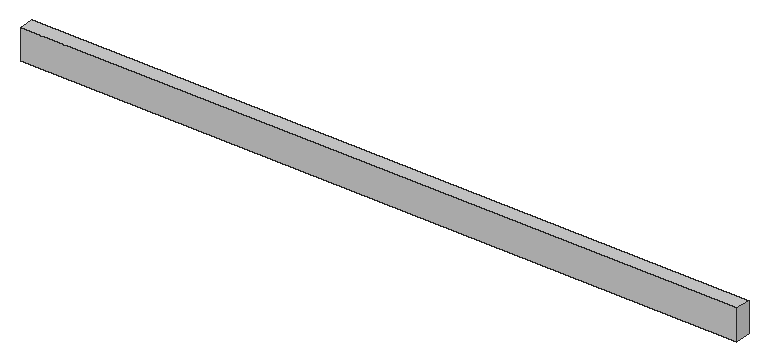
Revit family "M_Barras planas", category Quadro estrutural, Revit 2019 (continued)
Types in the file's own list only (420): name | Largura | Momento de inércia de torção | Módulo de torção | Chave do nome do corte | Área de corte | Eixo fraco do módulo plástico | Eixo forte do módulo plástico | Perímetro | Peso nominal | Eixo fraco do momento de inércia | Eixo forte do momento de inércia | Altura | Eixo fraco do módulo de elasticidade | Eixo forte do módulo de elasticidade | Centróide vertical | Centróide horizontal
  FL 12.7X22.225 | 12.7 mm | 0.00 mm4 | 0.0 mm³ | Plano 1/2x7/8 | 282.3 mm² | 896.0 mm³ | 1568.0 mm³ | 0.07 m²/m | 0.00 kgf/m | 3794.00 mm4 | 11618.00 mm4 | 22.2 mm | 597.0 mm³ | 1046.0 mm³ | 11.1 mm | 6.4 mm
  FL 12.7X25.4 | 12.7 mm | 0.00 mm4 | 0.0 mm³ | Plano 1/2x1 | 322.6 mm² | 1024.0 mm³ | 2048.0 mm³ | 0.08 m²/m | 0.00 kgf/m | 4336.00 mm4 | 17343.00 mm4 | 25.4 mm | 683.0 mm³ | 1366.0 mm³ | 12.7 mm | 6.4 mm
  FL 12.7X28.575 | 12.7 mm | 0.00 mm4 | 0.0 mm³ | Plano 1/2x1 1/8 | 362.9 mm² | 1152.0 mm³ | 2592.0 mm³ | 0.08 m²/m | 0.00 kgf/m | 4878.00 mm4 | 24693.00 mm4 | 28.6 mm | 768.0 mm³ | 1728.0 mm³ | 14.3 mm | 6.4 mm
  FL 12.7X31.75 | 12.7 mm | 0.00 mm4 | 0.0 mm³ | Plano 1/2x1 1/4 | 403.2 mm² | 1280.0 mm³ | 3201.0 mm³ | 0.09 m²/m | 0.00 kgf/m | 5420.00 mm4 | 33873.00 mm4 | 31.8 mm | 853.0 mm³ | 2134.0 mm³ | 15.9 mm | 6.4 mm
  FL 12.7X38.1 | 12.7 mm | 0.00 mm4 | 0.0 mm³ | Plano 1/2x1 1/2 | 483.9 mm² | 1536.0 mm³ | 4609.0 mm³ | 0.10 m²/m | 0.00 kgf/m | 6504.00 mm4 | 58533.00 mm4 | 38.1 mm | 1024.0 mm³ | 3073.0 mm³ | 19.1 mm | 6.4 mm
  FL 12.7X44.45 | 12.7 mm | 0.00 mm4 | 0.0 mm³ | Plano 1/2x1 3/4 | 564.5 mm² | 1792.0 mm³ | 6273.0 mm³ | 0.11 m²/m | 0.00 kgf/m | 7588.00 mm4 | 92948.00 mm4 | 44.5 mm | 1195.0 mm³ | 4182.0 mm³ | 22.2 mm | 6.4 mm
  FL 12.7X50.8 | 12.7 mm | 0.00 mm4 | 0.0 mm³ | Plano 1/2x2 | 645.2 mm² | 2048.0 mm³ | 8194.0 mm³ | 0.13 m²/m | 0.00 kgf/m | 8671.00 mm4 | 138744.00 mm4 | 50.8 mm | 1366.0 mm³ | 5462.0 mm³ | 25.4 mm | 6.4 mm
  FL 12.7X57.15 | 12.7 mm | 0.00 mm4 | 0.0 mm³ | Plano 1/2x2 1/4 | 725.8 mm² | 2304.0 mm³ | 10370.0 mm³ | 0.14 m²/m | 0.00 kgf/m | 9755.00 mm4 | 197547.00 mm4 | 57.2 mm | 1536.0 mm³ | 6913.0 mm³ | 28.6 mm | 6.4 mm
  FL 12.7X63.5 | 12.7 mm | 0.00 mm4 | 0.0 mm³ | Plano 1/2x2 1/2 | 806.5 mm² | 2560.0 mm³ | 12802.0 mm³ | 0.15 m²/m | 0.00 kgf/m | 10839.00 mm4 | 270984.00 mm4 | 63.5 mm | 1707.0 mm³ | 8535.0 mm³ | 31.8 mm | 6.4 mm
  FL 12.7X69.85 | 12.7 mm | 0.00 mm4 | 0.0 mm³ | Plano 1/2x2 3/4 | 887.1 mm² | 2817.0 mm³ | 15491.0 mm³ | 0.17 m²/m | 0.00 kgf/m | 11923.00 mm4 | 360680.00 mm4 | 69.9 mm | 1878.0 mm³ | 10327.0 mm³ | 34.9 mm | 6.4 mm
  FL 12.7X76.2 | 12.7 mm | 0.00 mm4 | 0.0 mm³ | Plano 1/2x3 | 967.7 mm² | 3073.0 mm³ | 18435.0 mm³ | 0.18 m²/m | 0.00 kgf/m | 13007.00 mm4 | 468260.00 mm4 | 76.2 mm | 2048.0 mm³ | 12290.0 mm³ | 38.1 mm | 6.4 mm
  FL 12.7X82.55 | 12.7 mm | 0.00 mm4 | 0.0 mm³ | Plano 1/2x3 1/4 | 1048.4 mm² | 3329.0 mm³ | 21636.0 mm³ | 0.19 m²/m | 0.00 kgf/m | 14091.00 mm4 | 595352.00 mm4 | 82.6 mm | 2219.0 mm³ | 14424.0 mm³ | 41.3 mm | 6.4 mm
  FL 12.7X88.9 | 12.7 mm | 0.00 mm4 | 0.0 mm³ | Plano 1/2x3 1/2 | 1129.0 mm² | 3585.0 mm³ | 25093.0 mm³ | 0.20 m²/m | 0.00 kgf/m | 15175.00 mm4 | 743580.00 mm4 | 88.9 mm | 2390.0 mm³ | 16728.0 mm³ | 44.5 mm | 6.4 mm
  FL 12.7X95.25 | 12.7 mm | 0.00 mm4 | 0.0 mm³ | Plano 1/2x3 3/4 | 1209.7 mm² | 3841.0 mm³ | 28805.0 mm³ | 0.22 m²/m | 0.00 kgf/m | 16259.00 mm4 | 914571.00 mm4 | 95.3 mm | 2560.0 mm³ | 19204.0 mm³ | 47.6 mm | 6.4 mm
  FL 12.7X101.6 | 12.7 mm | 0.00 mm4 | 0.0 mm³ | Plano 1/2x4 | 1290.3 mm² | 4097.0 mm³ | 32774.0 mm³ | 0.23 m²/m | 0.00 kgf/m | 17343.00 mm4 | 1109950.00 mm4 | 101.6 mm | 2731.0 mm³ | 21849.0 mm³ | 50.8 mm | 6.4 mm
  FL 12.7X114.3 | 12.7 mm | 0.00 mm4 | 0.0 mm³ | Plano 1/2x4 1/2 | 1451.6 mm² | 4609.0 mm³ | 41480.0 mm³ | 0.25 m²/m | 0.00 kgf/m | 19511.00 mm4 | 1580379.00 mm4 | 114.3 mm | 3073.0 mm³ | 27653.0 mm³ | 57.2 mm | 6.4 mm
  FL 12.7X127 | 12.7 mm | 0.00 mm4 | 0.0 mm³ | Plano 1/2x5 | 1612.9 mm² | 5121.0 mm³ | 51210.0 mm³ | 0.28 m²/m | 0.00 kgf/m | 21679.00 mm4 | 2167872.00 mm4 | 127.0 mm | 3414.0 mm³ | 34140.0 mm³ | 63.5 mm | 6.4 mm
  FL 12.7X139.7 | 12.7 mm | 0.00 mm4 | 0.0 mm³ | Plano 1/2x5 1/2 | 1774.2 mm² | 5633.0 mm³ | 61964.0 mm³ | 0.30 m²/m | 0.00 kgf/m | 23847.00 mm4 | 2885438.00 mm4 | 139.7 mm | 3755.0 mm³ | 41309.0 mm³ | 69.9 mm | 6.4 mm
  FL 12.7X152.4 | 12.7 mm | 0.00 mm4 | 0.0 mm³ | Plano 1/2x6 | 1935.5 mm² | 6145.0 mm³ | 73742.0 mm³ | 0.33 m²/m | 0.00 kgf/m | 26014.00 mm4 | 3746083.00 mm4 | 152.4 mm | 4097.0 mm³ | 49161.0 mm³ | 76.2 mm | 6.4 mm
  FL 12.7X165.1 | 12.7 mm | 0.00 mm4 | 0.0 mm³ | Plano 1/2x6 1/2 | 2096.8 mm² | 6657.0 mm³ | 86544.0 mm³ | 0.36 m²/m | 0.00 kgf/m | 28182.00 mm4 | 4762815.00 mm4 | 165.1 mm | 4438.0 mm³ | 57696.0 mm³ | 82.6 mm | 6.4 mm
  FL 12.7X177.8 | 12.7 mm | 0.00 mm4 | 0.0 mm³ | Plano 1/2x7 | 2258.1 mm² | 7169.0 mm³ | 100371.0 mm³ | 0.38 m²/m | 0.00 kgf/m | 30350.00 mm4 | 5948641.00 mm4 | 177.8 mm | 4780.0 mm³ | 66914.0 mm³ | 88.9 mm | 6.4 mm
  FL 12.7X190.5 | 12.7 mm | 0.00 mm4 | 0.0 mm³ | Plano 1/2x7 1/2 | 2419.4 mm² | 7681.0 mm³ | 115222.0 mm³ | 0.41 m²/m | 0.00 kgf/m | 32518.00 mm4 | 7316568.00 mm4 | 190.5 mm | 5121.0 mm³ | 76814.0 mm³ | 95.3 mm | 6.4 mm
  FL 12.7X203.2 | 12.7 mm | 0.00 mm4 | 0.0 mm³ | Plano 1/2x8 | 2580.6 mm² | 8194.0 mm³ | 131097.0 mm³ | 0.43 m²/m | 0.00 kgf/m | 34686.00 mm4 | 8879604.00 mm4 | 203.2 mm | 5462.0 mm³ | 87398.0 mm³ | 101.6 mm | 6.4 mm
  FL 12.7X228.6 | 12.7 mm | 0.00 mm4 | 0.0 mm³ | Plano 1/2x9 | 2903.2 mm² | 9218.0 mm³ | 165919.0 mm³ | 0.48 m²/m | 0.00 kgf/m | 39022.00 mm4 | 12643030.00 mm4 | 228.6 mm | 6145.0 mm³ | 110613.0 mm³ | 114.3 mm | 6.4 mm
  FL 12.7X254 | 12.7 mm | 0.00 mm4 | 0.0 mm³ | Plano 1/2x10 | 3225.8 mm² | 10242.0 mm³ | 204838.0 mm³ | 0.53 m²/m | 0.00 kgf/m | 43357.00 mm4 | 17342976.00 mm4 | 254.0 mm | 6828.0 mm³ | 136559.0 mm³ | 127.0 mm | 6.4 mm
  FL 12.7X304.8 | 12.7 mm | 0.00 mm4 | 0.0 mm³ | Plano 1/2x12 | 3871.0 mm² | 12290.0 mm³ | 294967.0 mm³ | 0.64 m²/m | 0.00 kgf/m | 52029.00 mm4 | 29968663.00 mm4 | 304.8 mm | 8194.0 mm³ | 196645.0 mm³ | 152.4 mm | 6.4 mm
  FL 15.875X19.05 | 15.9 mm | 0.00 mm4 | 0.0 mm³ | Plano 5/8x3/4 | 302.4 mm² | 1200.0 mm³ | 1440.0 mm³ | 0.07 m²/m | 0.00 kgf/m | 6351.00 mm4 | 9146.00 mm4 | 19.1 mm | 800.0 mm³ | 960.0 mm³ | 9.5 mm | 7.9 mm
  FL 15.875X22.225 | 15.9 mm | 0.00 mm4 | 0.0 mm³ | Plano 5/8x7/8 | 352.8 mm² | 1400.0 mm³ | 1960.0 mm³ | 0.08 m²/m | 0.00 kgf/m | 7410.00 mm4 | 14523.00 mm4 | 22.2 mm | 934.0 mm³ | 1307.0 mm³ | 11.1 mm | 7.9 mm
  FL 15.875X25.4 | 15.9 mm | 0.00 mm4 | 0.0 mm³ | Plano 5/8x1 | 403.2 mm² | 1600.0 mm³ | 2560.0 mm³ | 0.08 m²/m | 0.00 kgf/m | 8468.00 mm4 | 21679.00 mm4 | 25.4 mm | 1067.0 mm³ | 1707.0 mm³ | 12.7 mm | 7.9 mm
  FL 15.875X28.575 | 15.9 mm | 0.00 mm4 | 0.0 mm³ | Plano 5/8x1 1/8 | 453.6 mm² | 1800.0 mm³ | 3241.0 mm³ | 0.09 m²/m | 0.00 kgf/m | 9527.00 mm4 | 30867.00 mm4 | 28.6 mm | 1200.0 mm³ | 2160.0 mm³ | 14.3 mm | 7.9 mm
  FL 15.875X31.75 | 15.9 mm | 0.00 mm4 | 0.0 mm³ | Plano 5/8x1 1/4 | 504.0 mm² | 2000.0 mm³ | 4001.0 mm³ | 0.10 m²/m | 0.00 kgf/m | 10585.00 mm4 | 42341.00 mm4 | 31.8 mm | 1334.0 mm³ | 2667.0 mm³ | 15.9 mm | 7.9 mm
  FL 15.875X34.925 | 15.9 mm | 0.00 mm4 | 0.0 mm³ | Plano 5/8x1 3/8 | 554.4 mm² | 2200.0 mm³ | 4841.0 mm³ | 0.10 m²/m | 0.00 kgf/m | 11644.00 mm4 | 56356.00 mm4 | 34.9 mm | 1467.0 mm³ | 3227.0 mm³ | 17.5 mm | 7.9 mm
  FL 15.875X38.1 | 15.9 mm | 0.00 mm4 | 0.0 mm³ | Plano 5/8x1 1/2 | 604.8 mm² | 2400.0 mm³ | 5761.0 mm³ | 0.11 m²/m | 0.00 kgf/m | 12702.00 mm4 | 73166.00 mm4 | 38.1 mm | 1600.0 mm³ | 3841.0 mm³ | 19.1 mm | 7.9 mm
  FL 15.875X44.45 | 15.9 mm | 0.00 mm4 | 0.0 mm³ | Plano 5/8x1 3/4 | 705.6 mm² | 2801.0 mm³ | 7841.0 mm³ | 0.12 m²/m | 0.00 kgf/m | 14819.00 mm4 | 116184.00 mm4 | 44.5 mm | 1867.0 mm³ | 5228.0 mm³ | 22.2 mm | 7.9 mm
  FL 15.875X50.8 | 15.9 mm | 0.00 mm4 | 0.0 mm³ | Plano 5/8x2 | 806.5 mm² | 3201.0 mm³ | 10242.0 mm³ | 0.13 m²/m | 0.00 kgf/m | 16937.00 mm4 | 173430.00 mm4 | 50.8 mm | 2134.0 mm³ | 6828.0 mm³ | 25.4 mm | 7.9 mm
  FL 15.875X57.15 | 15.9 mm | 0.00 mm4 | 0.0 mm³ | Plano 5/8x2 1/4 | 907.3 mm² | 3601.0 mm³ | 12962.0 mm³ | 0.15 m²/m | 0.00 kgf/m | 19054.00 mm4 | 246934.00 mm4 | 57.2 mm | 2400.0 mm³ | 8642.0 mm³ | 28.6 mm | 7.9 mm
  FL 15.875X63.5 | 15.9 mm | 0.00 mm4 | 0.0 mm³ | Plano 5/8x2 1/2 | 1008.1 mm² | 4001.0 mm³ | 16003.0 mm³ | 0.16 m²/m | 0.00 kgf/m | 21171.00 mm4 | 338730.00 mm4 | 63.5 mm | 2667.0 mm³ | 10669.0 mm³ | 31.8 mm | 7.9 mm
  FL 15.875X69.85 | 15.9 mm | 0.00 mm4 | 0.0 mm³ | Plano 5/8x2 3/4 | 1108.9 mm² | 4401.0 mm³ | 19364.0 mm³ | 0.17 m²/m | 0.00 kgf/m | 23288.00 mm4 | 450850.00 mm4 | 69.9 mm | 2934.0 mm³ | 12909.0 mm³ | 34.9 mm | 7.9 mm
  FL 15.875X76.2 | 15.9 mm | 0.00 mm4 | 0.0 mm³ | Plano 5/8x3 | 1209.7 mm² | 4801.0 mm³ | 23044.0 mm³ | 0.18 m²/m | 0.00 kgf/m | 25405.00 mm4 | 585325.00 mm4 | 76.2 mm | 3201.0 mm³ | 15363.0 mm³ | 38.1 mm | 7.9 mm
  FL 15.875X82.55 | 15.9 mm | 0.00 mm4 | 0.0 mm³ | Plano 5/8x3 1/4 | 1310.5 mm² | 5201.0 mm³ | 27045.0 mm³ | 0.20 m²/m | 0.00 kgf/m | 27522.00 mm4 | 744190.00 mm4 | 82.6 mm | 3467.0 mm³ | 18030.0 mm³ | 41.3 mm | 7.9 mm
  FL 15.875X88.9 | 15.9 mm | 0.00 mm4 | 0.0 mm³ | Plano 5/8x3 1/2 | 1411.3 mm² | 5601.0 mm³ | 31366.0 mm³ | 0.21 m²/m | 0.00 kgf/m | 29639.00 mm4 | 929475.00 mm4 | 88.9 mm | 3734.0 mm³ | 20911.0 mm³ | 44.5 mm | 7.9 mm
  FL 15.875X95.25 | 15.9 mm | 0.00 mm4 | 0.0 mm³ | Plano 5/8x3 3/4 | 1512.1 mm² | 6001.0 mm³ | 36007.0 mm³ | 0.22 m²/m | 0.00 kgf/m | 31756.00 mm4 | 1143214.00 mm4 | 95.3 mm | 4001.0 mm³ | 24004.0 mm³ | 47.6 mm | 7.9 mm
  FL 15.875X101.6 | 15.9 mm | 0.00 mm4 | 0.0 mm³ | Plano 5/8x4 | 1612.9 mm² | 6401.0 mm³ | 40968.0 mm³ | 0.24 m²/m | 0.00 kgf/m | 33873.00 mm4 | 1387438.00 mm4 | 101.6 mm | 4267.0 mm³ | 27312.0 mm³ | 50.8 mm | 7.9 mm
  FL 15.875X114.3 | 15.9 mm | 0.00 mm4 | 0.0 mm³ | Plano 5/8x4 1/2 | 1814.5 mm² | 7201.0 mm³ | 51850.0 mm³ | 0.26 m²/m | 0.00 kgf/m | 38107.00 mm4 | 1975473.00 mm4 | 114.3 mm | 4801.0 mm³ | 34566.0 mm³ | 57.2 mm | 7.9 mm
  FL 15.875X127 | 15.9 mm | 0.00 mm4 | 0.0 mm³ | Plano 5/8x5 | 2016.1 mm² | 8001.0 mm³ | 64012.0 mm³ | 0.29 m²/m | 0.00 kgf/m | 42341.00 mm4 | 2709840.00 mm4 | 127.0 mm | 5334.0 mm³ | 42675.0 mm³ | 63.5 mm | 7.9 mm
  FL 15.875X139.7 | 15.9 mm | 0.00 mm4 | 0.0 mm³ | Plano 5/8x5 1/2 | 2217.7 mm² | 8802.0 mm³ | 77454.0 mm³ | 0.31 m²/m | 0.00 kgf/m | 46575.00 mm4 | 3606797.00 mm4 | 139.7 mm | 5868.0 mm³ | 51636.0 mm³ | 69.9 mm | 7.9 mm
  FL 15.875X152.4 | 15.9 mm | 0.00 mm4 | 0.0 mm³ | Plano 5/8x6 | 2419.4 mm² | 9602.0 mm³ | 92177.0 mm³ | 0.34 m²/m | 0.00 kgf/m | 50810.00 mm4 | 4682604.00 mm4 | 152.4 mm | 6401.0 mm³ | 61451.0 mm³ | 76.2 mm | 7.9 mm
  FL 15.875X165.1 | 15.9 mm | 0.00 mm4 | 0.0 mm³ | Plano 5/8x6 1/2 | 2621.0 mm² | 10402.0 mm³ | 108180.0 mm³ | 0.36 m²/m | 0.00 kgf/m | 55044.00 mm4 | 5953519.00 mm4 | 165.1 mm | 6935.0 mm³ | 72120.0 mm³ | 82.6 mm | 7.9 mm
  FL 15.875X177.8 | 15.9 mm | 0.00 mm4 | 0.0 mm³ | Plano 5/8x7 | 2822.6 mm² | 11202.0 mm³ | 125463.0 mm³ | 0.39 m²/m | 0.00 kgf/m | 59278.00 mm4 | 7435801.00 mm4 | 177.8 mm | 7468.0 mm³ | 83642.0 mm³ | 88.9 mm | 7.9 mm
  FL 15.875X190.5 | 15.9 mm | 0.00 mm4 | 0.0 mm³ | Plano 5/8x7 1/2 | 3024.2 mm² | 12002.0 mm³ | 144027.0 mm³ | 0.41 m²/m | 0.00 kgf/m | 63512.00 mm4 | 9145710.00 mm4 | 190.5 mm | 8001.0 mm³ | 96018.0 mm³ | 95.3 mm | 7.9 mm
  FL 15.875X203.2 | 15.9 mm | 0.00 mm4 | 0.0 mm³ | Plano 5/8x8 | 3225.8 mm² | 12802.0 mm³ | 163871.0 mm³ | 0.44 m²/m | 0.00 kgf/m | 67746.00 mm4 | 11099505.00 mm4 | 203.2 mm | 8535.0 mm³ | 109247.0 mm³ | 101.6 mm | 7.9 mm
  FL 15.875X228.6 | 15.9 mm | 0.00 mm4 | 0.0 mm³ | Plano 5/8x9 | 3629.0 mm² | 14403.0 mm³ | 207399.0 mm³ | 0.49 m²/m | 0.00 kgf/m | 76214.00 mm4 | 15803787.00 mm4 | 228.6 mm | 9602.0 mm³ | 138266.0 mm³ | 114.3 mm | 7.9 mm
  FL 15.875X254 | 15.9 mm | 0.00 mm4 | 0.0 mm³ | Plano 5/8x10 | 4032.3 mm² | 16003.0 mm³ | 256048.0 mm³ | 0.54 m²/m | 0.00 kgf/m | 84683.00 mm4 | 21678720.00 mm4 | 254.0 mm | 10669.0 mm³ | 170699.0 mm³ | 127.0 mm | 7.9 mm
  FL 15.875X304.8 | 15.9 mm | 0.00 mm4 | 0.0 mm³ | Plano 5/8x12 | 4838.7 mm² | 19204.0 mm³ | 368709.0 mm³ | 0.64 m²/m | 0.00 kgf/m | 101619.00 mm4 | 37460828.00 mm4 | 304.8 mm | 12802.0 mm³ | 245806.0 mm³ | 152.4 mm | 7.9 mm
  FL 19.05X25.4 | 19.1 mm | 0.00 mm4 | 0.0 mm³ | Plano 3/4x1 | 483.9 mm² | 2304.0 mm³ | 3073.0 mm³ | 0.09 m²/m | 0.00 kgf/m | 14633.00 mm4 | 26014.00 mm4 | 25.4 mm | 1536.0 mm³ | 2048.0 mm³ | 12.7 mm | 9.5 mm
  FL 19.05X31.75 | 19.1 mm | 0.00 mm4 | 0.0 mm³ | Plano 3/4x1 1/4 | 604.8 mm² | 2881.0 mm³ | 4801.0 mm³ | 0.10 m²/m | 0.00 kgf/m | 18291.00 mm4 | 50810.00 mm4 | 31.8 mm | 1920.0 mm³ | 3201.0 mm³ | 15.9 mm | 9.5 mm
  FL 19.05X38.1 | 19.1 mm | 0.00 mm4 | 0.0 mm³ | Plano 3/4x1 1/2 | 725.8 mm² | 3457.0 mm³ | 6913.0 mm³ | 0.11 m²/m | 0.00 kgf/m | 21950.00 mm4 | 87799.00 mm4 | 38.1 mm | 2304.0 mm³ | 4609.0 mm³ | 19.1 mm | 9.5 mm
  FL 19.05X44.45 | 19.1 mm | 0.00 mm4 | 0.0 mm³ | Plano 3/4x1 3/4 | 846.8 mm² | 4033.0 mm³ | 9410.0 mm³ | 0.13 m²/m | 0.00 kgf/m | 25608.00 mm4 | 139421.00 mm4 | 44.5 mm | 2689.0 mm³ | 6273.0 mm³ | 22.2 mm | 9.5 mm
  FL 19.05X50.8 | 19.1 mm | 0.00 mm4 | 0.0 mm³ | Plano 3/4x2 | 967.7 mm² | 4609.0 mm³ | 12290.0 mm³ | 0.14 m²/m | 0.00 kgf/m | 29266.00 mm4 | 208116.00 mm4 | 50.8 mm | 3073.0 mm³ | 8194.0 mm³ | 25.4 mm | 9.5 mm
  FL 19.05X57.15 | 19.1 mm | 0.00 mm4 | 0.0 mm³ | Plano 3/4x2 1/4 | 1088.7 mm² | 5185.0 mm³ | 15555.0 mm³ | 0.15 m²/m | 0.00 kgf/m | 32925.00 mm4 | 296321.00 mm4 | 57.2 mm | 3457.0 mm³ | 10370.0 mm³ | 28.6 mm | 9.5 mm
  FL 19.05X63.5 | 19.1 mm | 0.00 mm4 | 0.0 mm³ | Plano 3/4x2 1/2 | 1209.7 mm² | 5761.0 mm³ | 19204.0 mm³ | 0.17 m²/m | 0.00 kgf/m | 36583.00 mm4 | 406476.00 mm4 | 63.5 mm | 3841.0 mm³ | 12802.0 mm³ | 31.8 mm | 9.5 mm
  FL 19.05X69.85 | 19.1 mm | 0.00 mm4 | 0.0 mm³ | Plano 3/4x2 3/4 | 1330.6 mm² | 6337.0 mm³ | 23236.0 mm³ | 0.18 m²/m | 0.00 kgf/m | 40241.00 mm4 | 541020.00 mm4 | 69.9 mm | 4225.0 mm³ | 15491.0 mm³ | 34.9 mm | 9.5 mm
  FL 19.05X76.2 | 19.1 mm | 0.00 mm4 | 0.0 mm³ | Plano 3/4x3 | 1451.6 mm² | 6913.0 mm³ | 27653.0 mm³ | 0.19 m²/m | 0.00 kgf/m | 43899.00 mm4 | 702391.00 mm4 | 76.2 mm | 4609.0 mm³ | 18435.0 mm³ | 38.1 mm | 9.5 mm
  FL 19.05X88.9 | 19.1 mm | 0.00 mm4 | 0.0 mm³ | Plano 3/4x3 1/2 | 1693.5 mm² | 8066.0 mm³ | 37639.0 mm³ | 0.22 m²/m | 0.00 kgf/m | 51216.00 mm4 | 1115370.00 mm4 | 88.9 mm | 5377.0 mm³ | 25093.0 mm³ | 44.5 mm | 9.5 mm
  FL 19.05X101.6 | 19.1 mm | 0.00 mm4 | 0.0 mm³ | Plano 3/4x4 | 1935.5 mm² | 9218.0 mm³ | 49161.0 mm³ | 0.24 m²/m | 0.00 kgf/m | 58533.00 mm4 | 1664926.00 mm4 | 101.6 mm | 6145.0 mm³ | 32774.0 mm³ | 50.8 mm | 9.5 mm
  FL 19.05X114.3 | 19.1 mm | 0.00 mm4 | 0.0 mm³ | Plano 3/4x4 1/2 | 2177.4 mm² | 10370.0 mm³ | 62220.0 mm³ | 0.27 m²/m | 0.00 kgf/m | 65849.00 mm4 | 2370568.00 mm4 | 114.3 mm | 6913.0 mm³ | 41480.0 mm³ | 57.2 mm | 9.5 mm
  FL 19.05X127 | 19.1 mm | 0.00 mm4 | 0.0 mm³ | Plano 3/4x5 | 2419.4 mm² | 11522.0 mm³ | 76814.0 mm³ | 0.29 m²/m | 0.00 kgf/m | 73166.00 mm4 | 3251808.00 mm4 | 127.0 mm | 7681.0 mm³ | 51210.0 mm³ | 63.5 mm | 9.5 mm
  FL 19.05X139.7 | 19.1 mm | 0.00 mm4 | 0.0 mm³ | Plano 3/4x5 1/2 | 2661.3 mm² | 12674.0 mm³ | 92945.0 mm³ | 0.32 m²/m | 0.00 kgf/m | 80482.00 mm4 | 4328156.00 mm4 | 139.7 mm | 8450.0 mm³ | 61964.0 mm³ | 69.9 mm | 9.5 mm
  FL 19.05X152.4 | 19.1 mm | 0.00 mm4 | 0.0 mm³ | Plano 3/4x6 | 2903.2 mm² | 13827.0 mm³ | 110613.0 mm³ | 0.34 m²/m | 0.00 kgf/m | 87799.00 mm4 | 5619124.00 mm4 | 152.4 mm | 9218.0 mm³ | 73742.0 mm³ | 76.2 mm | 9.5 mm
  FL 19.05X165.1 | 19.1 mm | 0.00 mm4 | 0.0 mm³ | Plano 3/4x6 1/2 | 3145.2 mm² | 14979.0 mm³ | 129816.0 mm³ | 0.37 m²/m | 0.00 kgf/m | 95115.00 mm4 | 7144222.00 mm4 | 165.1 mm | 9986.0 mm³ | 86544.0 mm³ | 82.6 mm | 9.5 mm
  FL 19.05X177.8 | 19.1 mm | 0.00 mm4 | 0.0 mm³ | Plano 3/4x7 | 3387.1 mm² | 16131.0 mm³ | 150556.0 mm³ | 0.39 m²/m | 0.00 kgf/m | 102432.00 mm4 | 8922961.00 mm4 | 177.8 mm | 10754.0 mm³ | 100371.0 mm³ | 88.9 mm | 9.5 mm
  FL 19.05X190.5 | 19.1 mm | 0.00 mm4 | 0.0 mm³ | Plano 3/4x7 1/2 | 3629.0 mm² | 17283.0 mm³ | 172832.0 mm³ | 0.42 m²/m | 0.00 kgf/m | 109749.00 mm4 | 10974852.00 mm4 | 190.5 mm | 11522.0 mm³ | 115222.0 mm³ | 95.3 mm | 9.5 mm
  FL 19.05X203.2 | 19.1 mm | 0.00 mm4 | 0.0 mm³ | Plano 3/4x8 | 3871.0 mm² | 18435.0 mm³ | 196645.0 mm³ | 0.44 m²/m | 0.00 kgf/m | 117065.00 mm4 | 13319406.00 mm4 | 203.2 mm | 12290.0 mm³ | 131097.0 mm³ | 101.6 mm | 9.5 mm
  FL 19.05X228.6 | 19.1 mm | 0.00 mm4 | 0.0 mm³ | Plano 3/4x9 | 4354.8 mm² | 20740.0 mm³ | 248879.0 mm³ | 0.50 m²/m | 0.00 kgf/m | 131698.00 mm4 | 18964544.00 mm4 | 228.6 mm | 13827.0 mm³ | 165919.0 mm³ | 114.3 mm | 9.5 mm
  FL 19.05X254 | 19.1 mm | 0.00 mm4 | 0.0 mm³ | Plano 3/4x10 | 4838.7 mm² | 23044.0 mm³ | 307257.0 mm³ | 0.55 m²/m | 0.00 kgf/m | 146331.00 mm4 | 26014464.00 mm4 | 254.0 mm | 15363.0 mm³ | 204838.0 mm³ | 127.0 mm | 9.5 mm
  FL 19.05X304.8 | 19.1 mm | 0.00 mm4 | 0.0 mm³ | Plano 3/4x12 | 5806.4 mm² | 27653.0 mm³ | 442451.0 mm³ | 0.65 m²/m | 0.00 kgf/m | 175598.00 mm4 | 44952994.00 mm4 | 304.8 mm | 18435.0 mm³ | 294967.0 mm³ | 152.4 mm | 9.5 mm
  FL 22.225X25.4 | 22.2 mm | 0.00 mm4 | 0.0 mm³ | Plano 7/8x1 | 564.5 mm² | 3137.0 mm³ | 3585.0 mm³ | 0.10 m²/m | 0.00 kgf/m | 23237.00 mm4 | 30350.00 mm4 | 25.4 mm | 2091.0 mm³ | 2390.0 mm³ | 12.7 mm | 11.1 mm
  FL 22.225X31.75 | 22.2 mm | 0.00 mm4 | 0.0 mm³ | Plano 7/8x1 1/4 | 705.6 mm² | 3921.0 mm³ | 5601.0 mm³ | 0.11 m²/m | 0.00 kgf/m | 29046.00 mm4 | 59278.00 mm4 | 31.8 mm | 2614.0 mm³ | 3734.0 mm³ | 15.9 mm | 11.1 mm
  FL 22.225X38.1 | 22.2 mm | 0.00 mm4 | 0.0 mm³ | Plano 7/8x1 1/2 | 846.8 mm² | 4705.0 mm³ | 8066.0 mm³ | 0.12 m²/m | 0.00 kgf/m | 34855.00 mm4 | 102432.00 mm4 | 38.1 mm | 3137.0 mm³ | 5377.0 mm³ | 19.1 mm | 11.1 mm
  FL 22.225X44.45 | 22.2 mm | 0.00 mm4 | 0.0 mm³ | Plano 7/8x1 3/4 | 987.9 mm² | 5489.0 mm³ | 10978.0 mm³ | 0.13 m²/m | 0.00 kgf/m | 40665.00 mm4 | 162658.00 mm4 | 44.5 mm | 3659.0 mm³ | 7319.0 mm³ | 22.2 mm | 11.1 mm
  FL 22.225X50.8 | 22.2 mm | 0.00 mm4 | 0.0 mm³ | Plano 7/8x2 | 1129.0 mm² | 6273.0 mm³ | 14339.0 mm³ | 0.15 m²/m | 0.00 kgf/m | 46474.00 mm4 | 242802.00 mm4 | 50.8 mm | 4182.0 mm³ | 9559.0 mm³ | 25.4 mm | 11.1 mm
  FL 22.225X63.5 | 22.2 mm | 0.00 mm4 | 0.0 mm³ | Plano 7/8x2 1/2 | 1411.3 mm² | 7841.0 mm³ | 22404.0 mm³ | 0.17 m²/m | 0.00 kgf/m | 58092.00 mm4 | 474222.00 mm4 | 63.5 mm | 5228.0 mm³ | 14936.0 mm³ | 31.8 mm | 11.1 mm
  FL 22.225X76.2 | 22.2 mm | 0.00 mm4 | 0.0 mm³ | Plano 7/8x3 | 1693.5 mm² | 9410.0 mm³ | 32262.0 mm³ | 0.20 m²/m | 0.00 kgf/m | 69711.00 mm4 | 819456.00 mm4 | 76.2 mm | 6273.0 mm³ | 21508.0 mm³ | 38.1 mm | 11.1 mm
  FL 22.225X88.9 | 22.2 mm | 0.00 mm4 | 0.0 mm³ | Plano 7/8x3 1/2 | 1975.8 mm² | 10978.0 mm³ | 43912.0 mm³ | 0.22 m²/m | 0.00 kgf/m | 81329.00 mm4 | 1301265.00 mm4 | 88.9 mm | 7319.0 mm³ | 29275.0 mm³ | 44.5 mm | 11.1 mm
  FL 22.225X101.6 | 22.2 mm | 0.00 mm4 | 0.0 mm³ | Plano 7/8x4 | 2258.1 mm² | 12546.0 mm³ | 57355.0 mm³ | 0.25 m²/m | 0.00 kgf/m | 92948.00 mm4 | 1942413.00 mm4 | 101.6 mm | 8364.0 mm³ | 38236.0 mm³ | 50.8 mm | 11.1 mm
  FL 22.225X114.3 | 22.2 mm | 0.00 mm4 | 0.0 mm³ | Plano 7/8x4 1/2 | 2540.3 mm² | 14115.0 mm³ | 72590.0 mm³ | 0.27 m²/m | 0.00 kgf/m | 104566.00 mm4 | 2765663.00 mm4 | 114.3 mm | 9410.0 mm³ | 48393.0 mm³ | 57.2 mm | 11.1 mm
  FL 22.225X127 | 22.2 mm | 0.00 mm4 | 0.0 mm³ | Plano 7/8x5 | 2822.6 mm² | 15683.0 mm³ | 89617.0 mm³ | 0.30 m²/m | 0.00 kgf/m | 116184.00 mm4 | 3793776.00 mm4 | 127.0 mm | 10455.0 mm³ | 59745.0 mm³ | 63.5 mm | 11.1 mm
  FL 22.225X139.7 | 22.2 mm | 0.00 mm4 | 0.0 mm³ | Plano 7/8x5 1/2 | 3104.8 mm² | 17251.0 mm³ | 108436.0 mm³ | 0.32 m²/m | 0.00 kgf/m | 127803.00 mm4 | 5049516.00 mm4 | 139.7 mm | 11501.0 mm³ | 72291.0 mm³ | 69.9 mm | 11.1 mm
  FL 22.225X152.4 | 22.2 mm | 0.00 mm4 | 0.0 mm³ | Plano 7/8x6 | 3387.1 mm² | 18820.0 mm³ | 129048.0 mm³ | 0.35 m²/m | 0.00 kgf/m | 139421.00 mm4 | 6555645.00 mm4 | 152.4 mm | 12546.0 mm³ | 86032.0 mm³ | 76.2 mm | 11.1 mm
  FL 22.225X165.1 | 22.2 mm | 0.00 mm4 | 0.0 mm³ | Plano 7/8x6 1/2 | 3669.3 mm² | 20388.0 mm³ | 151452.0 mm³ | 0.37 m²/m | 0.00 kgf/m | 151040.00 mm4 | 8334926.00 mm4 | 165.1 mm | 13592.0 mm³ | 100968.0 mm³ | 82.6 mm | 11.1 mm
  FL 22.225X177.8 | 22.2 mm | 0.00 mm4 | 0.0 mm³ | Plano 7/8x7 | 3951.6 mm² | 21956.0 mm³ | 175649.0 mm³ | 0.40 m²/m | 0.00 kgf/m | 162658.00 mm4 | 10410121.00 mm4 | 177.8 mm | 14637.0 mm³ | 117099.0 mm³ | 88.9 mm | 11.1 mm
  FL 22.225X190.5 | 22.2 mm | 0.00 mm4 | 0.0 mm³ | Plano 7/8x7 1/2 | 4233.9 mm² | 23524.0 mm³ | 201638.0 mm³ | 0.43 m²/m | 0.00 kgf/m | 174277.00 mm4 | 12803994.00 mm4 | 190.5 mm | 15683.0 mm³ | 134425.0 mm³ | 95.3 mm | 11.1 mm
  FL 22.225X203.2 | 22.2 mm | 0.00 mm4 | 0.0 mm³ | Plano 7/8x8 | 4516.1 mm² | 25093.0 mm³ | 229419.0 mm³ | 0.45 m²/m | 0.00 kgf/m | 185895.00 mm4 | 15539307.00 mm4 | 203.2 mm | 16728.0 mm³ | 152946.0 mm³ | 101.6 mm | 11.1 mm
  FL 25.4X31.75 | 25.4 mm | 0.00 mm4 | 0.0 mm³ | Plano 1x1 1/4 | 806.5 mm² | 5121.0 mm³ | 6401.0 mm³ | 0.11 m²/m | 0.00 kgf/m | 43357.00 mm4 | 67746.00 mm4 | 31.8 mm | 3414.0 mm³ | 4267.0 mm³ | 15.9 mm | 12.7 mm
  FL 25.4X38.1 | 25.4 mm | 0.00 mm4 | 0.0 mm³ | Plano 1x1 1/2 | 967.7 mm² | 6145.0 mm³ | 9218.0 mm³ | 0.13 m²/m | 0.00 kgf/m | 52029.00 mm4 | 117065.00 mm4 | 38.1 mm | 4097.0 mm³ | 6145.0 mm³ | 19.1 mm | 12.7 mm
  FL 25.4X44.45 | 25.4 mm | 0.00 mm4 | 0.0 mm³ | Plano 1x1 3/4 | 1129.0 mm² | 7169.0 mm³ | 12546.0 mm³ | 0.14 m²/m | 0.00 kgf/m | 60700.00 mm4 | 185895.00 mm4 | 44.5 mm | 4780.0 mm³ | 8364.0 mm³ | 22.2 mm | 12.7 mm
  FL 25.4X57.15 | 25.4 mm | 0.00 mm4 | 0.0 mm³ | Plano 1x2 1/4 | 1451.6 mm² | 9218.0 mm³ | 20740.0 mm³ | 0.17 m²/m | 0.00 kgf/m | 78043.00 mm4 | 395095.00 mm4 | 57.2 mm | 6145.0 mm³ | 13827.0 mm³ | 28.6 mm | 12.7 mm
  FL 25.4X63.5 | 25.4 mm | 0.00 mm4 | 0.0 mm³ | Plano 1x2 1/2 | 1612.9 mm² | 10242.0 mm³ | 25605.0 mm³ | 0.18 m²/m | 0.00 kgf/m | 86715.00 mm4 | 541968.00 mm4 | 63.5 mm | 6828.0 mm³ | 17070.0 mm³ | 31.8 mm | 12.7 mm
  FL 25.4X69.85 | 25.4 mm | 0.00 mm4 | 0.0 mm³ | Plano 1x2 3/4 | 1774.2 mm² | 11266.0 mm³ | 30982.0 mm³ | 0.19 m²/m | 0.00 kgf/m | 95386.00 mm4 | 721359.00 mm4 | 69.9 mm | 7511.0 mm³ | 20655.0 mm³ | 34.9 mm | 12.7 mm
  FL 25.4X76.2 | 25.4 mm | 0.00 mm4 | 0.0 mm³ | Plano 1x3 | 1935.5 mm² | 12290.0 mm³ | 36871.0 mm³ | 0.20 m²/m | 0.00 kgf/m | 104058.00 mm4 | 936521.00 mm4 | 76.2 mm | 8194.0 mm³ | 24581.0 mm³ | 38.1 mm | 12.7 mm
  FL 25.4X88.9 | 25.4 mm | 0.00 mm4 | 0.0 mm³ | Plano 1x3 1/2 | 2258.1 mm² | 14339.0 mm³ | 50185.0 mm³ | 0.23 m²/m | 0.00 kgf/m | 121401.00 mm4 | 1487160.00 mm4 | 88.9 mm | 9559.0 mm³ | 33457.0 mm³ | 44.5 mm | 12.7 mm
  FL 25.4X101.6 | 25.4 mm | 0.00 mm4 | 0.0 mm³ | Plano 1x4 | 2580.6 mm² | 16387.0 mm³ | 65548.0 mm³ | 0.25 m²/m | 0.00 kgf/m | 138744.00 mm4 | 2219901.00 mm4 | 101.6 mm | 10925.0 mm³ | 43699.0 mm³ | 50.8 mm | 12.7 mm
  FL 25.4X114.3 | 25.4 mm | 0.00 mm4 | 0.0 mm³ | Plano 1x4 1/2 | 2903.2 mm² | 18435.0 mm³ | 82960.0 mm³ | 0.28 m²/m | 0.00 kgf/m | 156087.00 mm4 | 3160757.00 mm4 | 114.3 mm | 12290.0 mm³ | 55306.0 mm³ | 57.2 mm | 12.7 mm
  FL 25.4X127 | 25.4 mm | 0.00 mm4 | 0.0 mm³ | Plano 1x5 | 3225.8 mm² | 20484.0 mm³ | 102419.0 mm³ | 0.30 m²/m | 0.00 kgf/m | 173430.00 mm4 | 4335744.00 mm4 | 127.0 mm | 13656.0 mm³ | 68279.0 mm³ | 63.5 mm | 12.7 mm
  FL 25.4X139.7 | 25.4 mm | 0.00 mm4 | 0.0 mm³ | Plano 1x5 1/2 | 3548.4 mm² | 22532.0 mm³ | 123927.0 mm³ | 0.33 m²/m | 0.00 kgf/m | 190773.00 mm4 | 5770875.00 mm4 | 139.7 mm | 15021.0 mm³ | 82618.0 mm³ | 69.9 mm | 12.7 mm
  FL 25.4X152.4 | 25.4 mm | 0.00 mm4 | 0.0 mm³ | Plano 1x6 | 3871.0 mm² | 24581.0 mm³ | 147484.0 mm³ | 0.36 m²/m | 0.00 kgf/m | 208116.00 mm4 | 7492166.00 mm4 | 152.4 mm | 16387.0 mm³ | 98322.0 mm³ | 76.2 mm | 12.7 mm
  FL 25.4X165.1 | 25.4 mm | 0.00 mm4 | 0.0 mm³ | Plano 1x6 1/2 | 4193.5 mm² | 26629.0 mm³ | 173088.0 mm³ | 0.38 m²/m | 0.00 kgf/m | 225459.00 mm4 | 9525630.00 mm4 | 165.1 mm | 17753.0 mm³ | 115392.0 mm³ | 82.6 mm | 12.7 mm
  FL 25.4X177.8 | 25.4 mm | 0.00 mm4 | 0.0 mm³ | Plano 1x7 | 4516.1 mm² | 28677.0 mm³ | 200742.0 mm³ | 0.41 m²/m | 0.00 kgf/m | 242802.00 mm4 | 11897282.00 mm4 | 177.8 mm | 19118.0 mm³ | 133828.0 mm³ | 88.9 mm | 12.7 mm
  FL 25.4X190.5 | 25.4 mm | 0.00 mm4 | 0.0 mm³ | Plano 1x7 1/2 | 4838.7 mm² | 30726.0 mm³ | 230443.0 mm³ | 0.43 m²/m | 0.00 kgf/m | 260145.00 mm4 | 14633136.00 mm4 | 190.5 mm | 20484.0 mm³ | 153629.0 mm³ | 95.3 mm | 12.7 mm
  FL 25.4X203.2 | 25.4 mm | 0.00 mm4 | 0.0 mm³ | Plano 1x8 | 5161.3 mm² | 32774.0 mm³ | 262193.0 mm³ | 0.46 m²/m | 0.00 kgf/m | 277488.00 mm4 | 17759207.00 mm4 | 203.2 mm | 21849.0 mm³ | 174795.0 mm³ | 101.6 mm | 12.7 mm
  FL 25.4X228.6 | 25.4 mm | 0.00 mm4 | 0.0 mm³ | Plano 1x9 | 5806.4 mm² | 36871.0 mm³ | 331838.0 mm³ | 0.51 m²/m | 0.00 kgf/m | 312174.00 mm4 | 25286059.00 mm4 | 228.6 mm | 24581.0 mm³ | 221225.0 mm³ | 114.3 mm | 12.7 mm
  FL 25.4X254 | 25.4 mm | 0.00 mm4 | 0.0 mm³ | Plano 1x10 | 6451.6 mm² | 40968.0 mm³ | 409677.0 mm³ | 0.56 m²/m | 0.00 kgf/m | 346860.00 mm4 | 34685952.00 mm4 | 254.0 mm | 27312.0 mm³ | 273118.0 mm³ | 127.0 mm | 12.7 mm
  FL 25.4X304.8 | 25.4 mm | 0.00 mm4 | 0.0 mm³ | Plano 1x12 | 7741.9 mm² | 49161.0 mm³ | 589934.0 mm³ | 0.66 m²/m | 0.00 kgf/m | 416231.00 mm4 | 59937325.00 mm4 | 304.8 mm | 32774.0 mm³ | 393290.0 mm³ | 152.4 mm | 12.7 mm
  FL 28.575X38.1 | 28.6 mm | 0.00 mm4 | 0.0 mm³ | Plano 1 1/8x1 1/2 | 1088.7 mm² | 7777.0 mm³ | 10370.0 mm³ | 0.13 m²/m | 0.00 kgf/m | 74080.00 mm4 | 131698.00 mm4 | 38.1 mm | 5185.0 mm³ | 6913.0 mm³ | 19.1 mm | 14.3 mm
  FL 28.575X50.8 | 28.6 mm | 0.00 mm4 | 0.0 mm³ | Plano 1 1/8x2 | 1451.6 mm² | 10370.0 mm³ | 18435.0 mm³ | 0.16 m²/m | 0.00 kgf/m | 98774.00 mm4 | 312174.00 mm4 | 50.8 mm | 6913.0 mm³ | 12290.0 mm³ | 25.4 mm | 14.3 mm
  FL 28.575X63.5 | 28.6 mm | 0.00 mm4 | 0.0 mm³ | Plano 1 1/8x2 1/2 | 1814.5 mm² | 12962.0 mm³ | 28805.0 mm³ | 0.18 m²/m | 0.00 kgf/m | 123467.00 mm4 | 609714.00 mm4 | 63.5 mm | 8642.0 mm³ | 19204.0 mm³ | 31.8 mm | 14.3 mm
  FL 28.575X76.2 | 28.6 mm | 0.00 mm4 | 0.0 mm³ | Plano 1 1/8x3 | 2177.4 mm² | 15555.0 mm³ | 41480.0 mm³ | 0.21 m²/m | 0.00 kgf/m | 148161.00 mm4 | 1053586.00 mm4 | 76.2 mm | 10370.0 mm³ | 27653.0 mm³ | 38.1 mm | 14.3 mm
  FL 28.575X88.9 | 28.6 mm | 0.00 mm4 | 0.0 mm³ | Plano 1 1/8x3 1/2 | 2540.3 mm² | 18147.0 mm³ | 56459.0 mm³ | 0.23 m²/m | 0.00 kgf/m | 172854.00 mm4 | 1673055.00 mm4 | 88.9 mm | 12098.0 mm³ | 37639.0 mm³ | 44.5 mm | 14.3 mm
  FL 28.575X101.6 | 28.6 mm | 0.00 mm4 | 0.0 mm³ | Plano 1 1/8x4 | 2903.2 mm² | 20740.0 mm³ | 73742.0 mm³ | 0.26 m²/m | 0.00 kgf/m | 197547.00 mm4 | 2497389.00 mm4 | 101.6 mm | 13827.0 mm³ | 49161.0 mm³ | 50.8 mm | 14.3 mm
  FL 28.575X114.3 | 28.6 mm | 0.00 mm4 | 0.0 mm³ | Plano 1 1/8x4 1/2 | 3266.1 mm² | 23332.0 mm³ | 93329.0 mm³ | 0.29 m²/m | 0.00 kgf/m | 222241.00 mm4 | 3555852.00 mm4 | 114.3 mm | 15555.0 mm³ | 62220.0 mm³ | 57.2 mm | 14.3 mm
  FL 28.575X127 | 28.6 mm | 0.00 mm4 | 0.0 mm³ | Plano 1 1/8x5 | 3629.0 mm² | 25925.0 mm³ | 115222.0 mm³ | 0.31 m²/m | 0.00 kgf/m | 246934.00 mm4 | 4877712.00 mm4 | 127.0 mm | 17283.0 mm³ | 76814.0 mm³ | 63.5 mm | 14.3 mm
  FL 28.575X139.7 | 28.6 mm | 0.00 mm4 | 0.0 mm³ | Plano 1 1/8x5 1/2 | 3991.9 mm² | 28517.0 mm³ | 139418.0 mm³ | 0.34 m²/m | 0.00 kgf/m | 271628.00 mm4 | 6492235.00 mm4 | 139.7 mm | 19012.0 mm³ | 92945.0 mm³ | 69.9 mm | 14.3 mm
  FL 28.575X152.4 | 28.6 mm | 0.00 mm4 | 0.0 mm³ | Plano 1 1/8x6 | 4354.8 mm² | 31110.0 mm³ | 165919.0 mm³ | 0.36 m²/m | 0.00 kgf/m | 296321.00 mm4 | 8428686.00 mm4 | 152.4 mm | 20740.0 mm³ | 110613.0 mm³ | 76.2 mm | 14.3 mm
  FL 28.575X165.1 | 28.6 mm | 0.00 mm4 | 0.0 mm³ | Plano 1 1/8x6 1/2 | 4717.7 mm² | 33702.0 mm³ | 194724.0 mm³ | 0.39 m²/m | 0.00 kgf/m | 321014.00 mm4 | 10716333.00 mm4 | 165.1 mm | 22468.0 mm³ | 129816.0 mm³ | 82.6 mm | 14.3 mm
  FL 28.575X177.8 | 28.6 mm | 0.00 mm4 | 0.0 mm³ | Plano 1 1/8x7 | 5080.6 mm² | 36295.0 mm³ | 225834.0 mm³ | 0.41 m²/m | 0.00 kgf/m | 345708.00 mm4 | 13384442.00 mm4 | 177.8 mm | 24197.0 mm³ | 150556.0 mm³ | 88.9 mm | 14.3 mm
  FL 28.575X190.5 | 28.6 mm | 0.00 mm4 | 0.0 mm³ | Plano 1 1/8x7 1/2 | 5443.5 mm² | 38887.0 mm³ | 259248.0 mm³ | 0.44 m²/m | 0.00 kgf/m | 370401.00 mm4 | 16462278.00 mm4 | 190.5 mm | 25925.0 mm³ | 172832.0 mm³ | 95.3 mm | 14.3 mm
  FL 28.575X203.2 | 28.6 mm | 0.00 mm4 | 0.0 mm³ | Plano 1 1/8x8 | 5806.4 mm² | 41480.0 mm³ | 294967.0 mm³ | 0.46 m²/m | 0.00 kgf/m | 395095.00 mm4 | 19979108.00 mm4 | 203.2 mm | 27653.0 mm³ | 196645.0 mm³ | 101.6 mm | 14.3 mm
  FL 31.75X38.1 | 31.8 mm | 0.00 mm4 | 0.0 mm³ | Plano 1 1/4x1 1/2 | 1209.7 mm² | 9602.0 mm³ | 11522.0 mm³ | 0.14 m²/m | 0.00 kgf/m | 101619.00 mm4 | 146331.00 mm4 | 38.1 mm | 6401.0 mm³ | 7681.0 mm³ | 19.1 mm | 15.9 mm
  FL 31.75X44.45 | 31.8 mm | 0.00 mm4 | 0.0 mm³ | Plano 1 1/4x1 3/4 | 1411.3 mm² | 11202.0 mm³ | 15683.0 mm³ | 0.15 m²/m | 0.00 kgf/m | 118556.00 mm4 | 232369.00 mm4 | 44.5 mm | 7468.0 mm³ | 10455.0 mm³ | 22.2 mm | 15.9 mm
  FL 31.75X50.8 | 31.8 mm | 0.00 mm4 | 0.0 mm³ | Plano 1 1/4x2 | 1612.9 mm² | 12802.0 mm³ | 20484.0 mm³ | 0.17 m²/m | 0.00 kgf/m | 135492.00 mm4 | 346860.00 mm4 | 50.8 mm | 8535.0 mm³ | 13656.0 mm³ | 25.4 mm | 15.9 mm
  FL 31.75X57.15 | 31.8 mm | 0.00 mm4 | 0.0 mm³ | Plano 1 1/4x2 1/4 | 1814.5 mm² | 14403.0 mm³ | 25925.0 mm³ | 0.18 m²/m | 0.00 kgf/m | 152429.00 mm4 | 493868.00 mm4 | 57.2 mm | 9602.0 mm³ | 17283.0 mm³ | 28.6 mm | 15.9 mm
  FL 31.75X63.5 | 31.8 mm | 0.00 mm4 | 0.0 mm³ | Plano 1 1/4x2 1/2 | 2016.1 mm² | 16003.0 mm³ | 32006.0 mm³ | 0.19 m²/m | 0.00 kgf/m | 169365.00 mm4 | 677460.00 mm4 | 63.5 mm | 10669.0 mm³ | 21337.0 mm³ | 31.8 mm | 15.9 mm
  FL 31.75X69.85 | 31.8 mm | 0.00 mm4 | 0.0 mm³ | Plano 1 1/4x2 3/4 | 2217.7 mm² | 17603.0 mm³ | 38727.0 mm³ | 0.20 m²/m | 0.00 kgf/m | 186302.00 mm4 | 901699.00 mm4 | 69.9 mm | 11736.0 mm³ | 25818.0 mm³ | 34.9 mm | 15.9 mm
  FL 31.75X76.2 | 31.8 mm | 0.00 mm4 | 0.0 mm³ | Plano 1 1/4x3 | 2419.4 mm² | 19204.0 mm³ | 46089.0 mm³ | 0.22 m²/m | 0.00 kgf/m | 203238.00 mm4 | 1170651.00 mm4 | 76.2 mm | 12802.0 mm³ | 30726.0 mm³ | 38.1 mm | 15.9 mm
  FL 31.75X88.9 | 31.8 mm | 0.00 mm4 | 0.0 mm³ | Plano 1 1/4x3 1/2 | 2822.6 mm² | 22404.0 mm³ | 62732.0 mm³ | 0.24 m²/m | 0.00 kgf/m | 237111.00 mm4 | 1858950.00 mm4 | 88.9 mm | 14936.0 mm³ | 41821.0 mm³ | 44.5 mm | 15.9 mm
  FL 31.75X101.6 | 31.8 mm | 0.00 mm4 | 0.0 mm³ | Plano 1 1/4x4 | 3225.8 mm² | 25605.0 mm³ | 81935.0 mm³ | 0.27 m²/m | 0.00 kgf/m | 270984.00 mm4 | 2774876.00 mm4 | 101.6 mm | 17070.0 mm³ | 54624.0 mm³ | 50.8 mm | 15.9 mm
  FL 31.75X114.3 | 31.8 mm | 0.00 mm4 | 0.0 mm³ | Plano 1 1/4x4 1/2 | 3629.0 mm² | 28805.0 mm³ | 103699.0 mm³ | 0.29 m²/m | 0.00 kgf/m | 304857.00 mm4 | 3950947.00 mm4 | 114.3 mm | 19204.0 mm³ | 69133.0 mm³ | 57.2 mm | 15.9 mm
  FL 31.75X127 | 31.8 mm | 0.00 mm4 | 0.0 mm³ | Plano 1 1/4x5 | 4032.3 mm² | 32006.0 mm³ | 128024.0 mm³ | 0.32 m²/m | 0.00 kgf/m | 338730.00 mm4 | 5419680.00 mm4 | 127.0 mm | 21337.0 mm³ | 85349.0 mm³ | 63.5 mm | 15.9 mm
  FL 31.75X139.7 | 31.8 mm | 0.00 mm4 | 0.0 mm³ | Plano 1 1/4x5 1/2 | 4435.5 mm² | 35207.0 mm³ | 154909.0 mm³ | 0.34 m²/m | 0.00 kgf/m | 372603.00 mm4 | 7213594.00 mm4 | 139.7 mm | 23471.0 mm³ | 103273.0 mm³ | 69.9 mm | 15.9 mm
  FL 31.75X152.4 | 31.8 mm | 0.00 mm4 | 0.0 mm³ | Plano 1 1/4x6 | 4838.7 mm² | 38407.0 mm³ | 184354.0 mm³ | 0.37 m²/m | 0.00 kgf/m | 406476.00 mm4 | 9365207.00 mm4 | 152.4 mm | 25605.0 mm³ | 122903.0 mm³ | 76.2 mm | 15.9 mm
  FL 31.75X165.1 | 31.8 mm | 0.00 mm4 | 0.0 mm³ | Plano 1 1/4x6 1/2 | 5241.9 mm² | 41608.0 mm³ | 216360.0 mm³ | 0.39 m²/m | 0.00 kgf/m | 440349.00 mm4 | 11907037.00 mm4 | 165.1 mm | 27739.0 mm³ | 144240.0 mm³ | 82.6 mm | 15.9 mm
  FL 31.75X177.8 | 31.8 mm | 0.00 mm4 | 0.0 mm³ | Plano 1 1/4x7 | 5645.2 mm² | 44808.0 mm³ | 250927.0 mm³ | 0.42 m²/m | 0.00 kgf/m | 474222.00 mm4 | 14871602.00 mm4 | 177.8 mm | 29872.0 mm³ | 167285.0 mm³ | 88.9 mm | 15.9 mm
  FL 31.75X190.5 | 31.8 mm | 0.00 mm4 | 0.0 mm³ | Plano 1 1/4x7 1/2 | 6048.4 mm² | 48009.0 mm³ | 288054.0 mm³ | 0.44 m²/m | 0.00 kgf/m | 508095.00 mm4 | 18291420.00 mm4 | 190.5 mm | 32006.0 mm³ | 192036.0 mm³ | 95.3 mm | 15.9 mm
  FL 31.75X203.2 | 31.8 mm | 0.00 mm4 | 0.0 mm³ | Plano 1 1/4x8 | 6451.6 mm² | 51210.0 mm³ | 327741.0 mm³ | 0.47 m²/m | 0.00 kgf/m | 541968.00 mm4 | 22199009.00 mm4 | 203.2 mm | 34140.0 mm³ | 218494.0 mm³ | 101.6 mm | 15.9 mm
  FL 31.75X228.6 | 31.8 mm | 0.00 mm4 | 0.0 mm³ | Plano 1 1/4x9 | 7258.1 mm² | 57611.0 mm³ | 414798.0 mm³ | 0.52 m²/m | 0.00 kgf/m | 609714.00 mm4 | 31607574.00 mm4 | 228.6 mm | 38407.0 mm³ | 276532.0 mm³ | 114.3 mm | 15.9 mm
  FL 31.75X254 | 31.8 mm | 0.00 mm4 | 0.0 mm³ | Plano 1 1/4x10 | 8064.5 mm² | 64012.0 mm³ | 512096.0 mm³ | 0.57 m²/m | 0.00 kgf/m | 677460.00 mm4 | 43357440.00 mm4 | 254.0 mm | 42675.0 mm³ | 341397.0 mm³ | 127.0 mm | 15.9 mm
  FL 31.75X304.8 | 31.8 mm | 0.00 mm4 | 0.0 mm³ | Plano 1 1/4x12 | 9677.4 mm² | 76814.0 mm³ | 737418.0 mm³ | 0.67 m²/m | 0.00 kgf/m | 812952.00 mm4 | 74921657.00 mm4 | 304.8 mm | 51210.0 mm³ | 491612.0 mm³ | 152.4 mm | 15.9 mm
  FL 34.925X38.1 | 34.9 mm | 0.00 mm4 | 0.0 mm³ | Plano 1 3/8x1 1/2 | 1330.6 mm² | 11618.0 mm³ | 12674.0 mm³ | 0.15 m²/m | 0.00 kgf/m | 135255.00 mm4 | 160964.00 mm4 | 38.1 mm | 7745.0 mm³ | 8450.0 mm³ | 19.1 mm | 17.5 mm
  FL 34.925X50.8 | 34.9 mm | 0.00 mm4 | 0.0 mm³ | Plano 1 3/8x2 | 1774.2 mm² | 15491.0 mm³ | 22532.0 mm³ | 0.17 m²/m | 0.00 kgf/m | 180340.00 mm4 | 381545.00 mm4 | 50.8 mm | 10327.0 mm³ | 15021.0 mm³ | 25.4 mm | 17.5 mm
  FL 34.925X63.5 | 34.9 mm | 0.00 mm4 | 0.0 mm³ | Plano 1 3/8x2 1/2 | 2217.7 mm² | 19364.0 mm³ | 35207.0 mm³ | 0.20 m²/m | 0.00 kgf/m | 225425.00 mm4 | 745206.00 mm4 | 63.5 mm | 12909.0 mm³ | 23471.0 mm³ | 31.8 mm | 17.5 mm
  FL 34.925X76.2 | 34.9 mm | 0.00 mm4 | 0.0 mm³ | Plano 1 3/8x3 | 2661.3 mm² | 23236.0 mm³ | 50697.0 mm³ | 0.22 m²/m | 0.00 kgf/m | 270510.00 mm4 | 1287716.00 mm4 | 76.2 mm | 15491.0 mm³ | 33798.0 mm³ | 38.1 mm | 17.5 mm
  FL 34.925X88.9 | 34.9 mm | 0.00 mm4 | 0.0 mm³ | Plano 1 3/8x3 1/2 | 3104.8 mm² | 27109.0 mm³ | 69005.0 mm³ | 0.25 m²/m | 0.00 kgf/m | 315595.00 mm4 | 2044845.00 mm4 | 88.9 mm | 18073.0 mm³ | 46003.0 mm³ | 44.5 mm | 17.5 mm
  FL 34.925X101.6 | 34.9 mm | 0.00 mm4 | 0.0 mm³ | Plano 1 3/8x4 | 3548.4 mm² | 30982.0 mm³ | 90129.0 mm³ | 0.27 m²/m | 0.00 kgf/m | 360680.00 mm4 | 3052364.00 mm4 | 101.6 mm | 20655.0 mm³ | 60086.0 mm³ | 50.8 mm | 17.5 mm
  FL 34.925X114.3 | 34.9 mm | 0.00 mm4 | 0.0 mm³ | Plano 1 3/8x4 1/2 | 3991.9 mm² | 34855.0 mm³ | 114069.0 mm³ | 0.30 m²/m | 0.00 kgf/m | 405765.00 mm4 | 4346041.00 mm4 | 114.3 mm | 23236.0 mm³ | 76046.0 mm³ | 57.2 mm | 17.5 mm
  FL 34.925X127 | 34.9 mm | 0.00 mm4 | 0.0 mm³ | Plano 1 3/8x5 | 4435.5 mm² | 38727.0 mm³ | 140826.0 mm³ | 0.32 m²/m | 0.00 kgf/m | 450850.00 mm4 | 5961648.00 mm4 | 127.0 mm | 25818.0 mm³ | 93884.0 mm³ | 63.5 mm | 17.5 mm
  FL 34.925X139.7 | 34.9 mm | 0.00 mm4 | 0.0 mm³ | Plano 1 3/8x5 1/2 | 4879.0 mm² | 42600.0 mm³ | 170400.0 mm³ | 0.35 m²/m | 0.00 kgf/m | 495935.00 mm4 | 7934954.00 mm4 | 139.7 mm | 28400.0 mm³ | 113600.0 mm³ | 69.9 mm | 17.5 mm
  FL 34.925X152.4 | 34.9 mm | 0.00 mm4 | 0.0 mm³ | Plano 1 3/8x6 | 5322.6 mm² | 46473.0 mm³ | 202790.0 mm³ | 0.37 m²/m | 0.00 kgf/m | 541020.00 mm4 | 10301728.00 mm4 | 152.4 mm | 30982.0 mm³ | 135193.0 mm³ | 76.2 mm | 17.5 mm
  FL 34.925X165.1 | 34.9 mm | 0.00 mm4 | 0.0 mm³ | Plano 1 3/8x6 1/2 | 5766.1 mm² | 50345.0 mm³ | 237996.0 mm³ | 0.40 m²/m | 0.00 kgf/m | 586105.00 mm4 | 13097741.00 mm4 | 165.1 mm | 33564.0 mm³ | 158664.0 mm³ | 82.6 mm | 17.5 mm
  FL 34.925X177.8 | 34.9 mm | 0.00 mm4 | 0.0 mm³ | Plano 1 3/8x7 | 6209.7 mm² | 54218.0 mm³ | 276020.0 mm³ | 0.43 m²/m | 0.00 kgf/m | 631189.00 mm4 | 16358762.00 mm4 | 177.8 mm | 36145.0 mm³ | 184013.0 mm³ | 88.9 mm | 17.5 mm
  FL 34.925X190.5 | 34.9 mm | 0.00 mm4 | 0.0 mm³ | Plano 1 3/8x7 1/2 | 6653.2 mm² | 58091.0 mm³ | 316859.0 mm³ | 0.45 m²/m | 0.00 kgf/m | 676274.00 mm4 | 20120562.00 mm4 | 190.5 mm | 38727.0 mm³ | 211239.0 mm³ | 95.3 mm | 17.5 mm
  FL 34.925X203.2 | 34.9 mm | 0.00 mm4 | 0.0 mm³ | Plano 1 3/8x8 | 7096.8 mm² | 61964.0 mm³ | 360515.0 mm³ | 0.48 m²/m | 0.00 kgf/m | 721359.00 mm4 | 24418910.00 mm4 | 203.2 mm | 41309.0 mm³ | 240344.0 mm³ | 101.6 mm | 17.5 mm
  FL 38.1X38.1 | 38.1 mm | 0.00 mm4 | 0.0 mm³ | Plano 1 1/2x1 1/2 | 1451.6 mm² | 13827.0 mm³ | 13827.0 mm³ | 0.15 m²/m | 0.00 kgf/m | 175598.00 mm4 | 175598.00 mm4 | 38.1 mm | 9218.0 mm³ | 9218.0 mm³ | 19.1 mm | 19.1 mm
  FL 38.1X44.45 | 38.1 mm | 0.00 mm4 | 0.0 mm³ | Plano 1 1/2x1 3/4 | 1693.5 mm² | 16131.0 mm³ | 18820.0 mm³ | 0.17 m²/m | 0.00 kgf/m | 204864.00 mm4 | 278843.00 mm4 | 44.5 mm | 10754.0 mm³ | 12546.0 mm³ | 22.2 mm | 19.1 mm
  FL 38.1X50.8 | 38.1 mm | 0.00 mm4 | 0.0 mm³ | Plano 1 1/2x2 | 1935.5 mm² | 18435.0 mm³ | 24581.0 mm³ | 0.18 m²/m | 0.00 kgf/m | 234130.00 mm4 | 416231.00 mm4 | 50.8 mm | 12290.0 mm³ | 16387.0 mm³ | 25.4 mm | 19.1 mm
  FL 38.1X57.15 | 38.1 mm | 0.00 mm4 | 0.0 mm³ | Plano 1 1/2x2 1/4 | 2177.4 mm² | 20740.0 mm³ | 31110.0 mm³ | 0.19 m²/m | 0.00 kgf/m | 263396.00 mm4 | 592642.00 mm4 | 57.2 mm | 13827.0 mm³ | 20740.0 mm³ | 28.6 mm | 19.1 mm
  FL 38.1X63.5 | 38.1 mm | 0.00 mm4 | 0.0 mm³ | Plano 1 1/2x2 1/2 | 2419.4 mm² | 23044.0 mm³ | 38407.0 mm³ | 0.20 m²/m | 0.00 kgf/m | 292663.00 mm4 | 812952.00 mm4 | 63.5 mm | 15363.0 mm³ | 25605.0 mm³ | 31.8 mm | 19.1 mm
  FL 38.1X69.85 | 38.1 mm | 0.00 mm4 | 0.0 mm³ | Plano 1 1/2x2 3/4 | 2661.3 mm² | 25349.0 mm³ | 46473.0 mm³ | 0.22 m²/m | 0.00 kgf/m | 321929.00 mm4 | 1082039.00 mm4 | 69.9 mm | 16899.0 mm³ | 30982.0 mm³ | 34.9 mm | 19.1 mm
  FL 38.1X76.2 | 38.1 mm | 0.00 mm4 | 0.0 mm³ | Plano 1 1/2x3 | 2903.2 mm² | 27653.0 mm³ | 55306.0 mm³ | 0.23 m²/m | 0.00 kgf/m | 351195.00 mm4 | 1404781.00 mm4 | 76.2 mm | 18435.0 mm³ | 36871.0 mm³ | 38.1 mm | 19.1 mm
  FL 38.1X88.9 | 38.1 mm | 0.00 mm4 | 0.0 mm³ | Plano 1 1/2x3 1/2 | 3387.1 mm² | 32262.0 mm³ | 75278.0 mm³ | 0.25 m²/m | 0.00 kgf/m | 409728.00 mm4 | 2230740.00 mm4 | 88.9 mm | 21508.0 mm³ | 50185.0 mm³ | 44.5 mm | 19.1 mm
  FL 38.1X101.6 | 38.1 mm | 0.00 mm4 | 0.0 mm³ | Plano 1 1/2x4 | 3871.0 mm² | 36871.0 mm³ | 98322.0 mm³ | 0.28 m²/m | 0.00 kgf/m | 468260.00 mm4 | 3329851.00 mm4 | 101.6 mm | 24581.0 mm³ | 65548.0 mm³ | 50.8 mm | 19.1 mm
  FL 38.1X114.3 | 38.1 mm | 0.00 mm4 | 0.0 mm³ | Plano 1 1/2x4 1/2 | 4354.8 mm² | 41480.0 mm³ | 124439.0 mm³ | 0.30 m²/m | 0.00 kgf/m | 526793.00 mm4 | 4741136.00 mm4 | 114.3 mm | 27653.0 mm³ | 82960.0 mm³ | 57.2 mm | 19.1 mm
  FL 38.1X127 | 38.1 mm | 0.00 mm4 | 0.0 mm³ | Plano 1 1/2x5 | 4838.7 mm² | 46089.0 mm³ | 153629.0 mm³ | 0.33 m²/m | 0.00 kgf/m | 585325.00 mm4 | 6503616.00 mm4 | 127.0 mm | 30726.0 mm³ | 102419.0 mm³ | 63.5 mm | 19.1 mm
  FL 38.1X139.7 | 38.1 mm | 0.00 mm4 | 0.0 mm³ | Plano 1 1/2x5 1/2 | 5322.6 mm² | 50697.0 mm³ | 185891.0 mm³ | 0.36 m²/m | 0.00 kgf/m | 643858.00 mm4 | 8656313.00 mm4 | 139.7 mm | 33798.0 mm³ | 123927.0 mm³ | 69.9 mm | 19.1 mm
  FL 38.1X152.4 | 38.1 mm | 0.00 mm4 | 0.0 mm³ | Plano 1 1/2x6 | 5806.4 mm² | 55306.0 mm³ | 221225.0 mm³ | 0.38 m²/m | 0.00 kgf/m | 702391.00 mm4 | 11238248.00 mm4 | 152.4 mm | 36871.0 mm³ | 147484.0 mm³ | 76.2 mm | 19.1 mm
  FL 38.1X165.1 | 38.1 mm | 0.00 mm4 | 0.0 mm³ | Plano 1 1/2x6 1/2 | 6290.3 mm² | 59915.0 mm³ | 259633.0 mm³ | 0.41 m²/m | 0.00 kgf/m | 760923.00 mm4 | 14288444.00 mm4 | 165.1 mm | 39943.0 mm³ | 173088.0 mm³ | 82.6 mm | 19.1 mm
  FL 38.1X177.8 | 38.1 mm | 0.00 mm4 | 0.0 mm³ | Plano 1 1/2x7 | 6774.2 mm² | 64524.0 mm³ | 301112.0 mm³ | 0.43 m²/m | 0.00 kgf/m | 819456.00 mm4 | 17845922.00 mm4 | 177.8 mm | 43016.0 mm³ | 200742.0 mm³ | 88.9 mm | 19.1 mm
  FL 38.1X190.5 | 38.1 mm | 0.00 mm4 | 0.0 mm³ | Plano 1 1/2x7 1/2 | 7258.1 mm² | 69133.0 mm³ | 345665.0 mm³ | 0.46 m²/m | 0.00 kgf/m | 877988.00 mm4 | 21949704.00 mm4 | 190.5 mm | 46089.0 mm³ | 230443.0 mm³ | 95.3 mm | 19.1 mm
  FL 38.1X203.2 | 38.1 mm | 0.00 mm4 | 0.0 mm³ | Plano 1 1/2x8 | 7741.9 mm² | 73742.0 mm³ | 393290.0 mm³ | 0.48 m²/m | 0.00 kgf/m | 936521.00 mm4 | 26638811.00 mm4 | 203.2 mm | 49161.0 mm³ | 262193.0 mm³ | 101.6 mm | 19.1 mm
